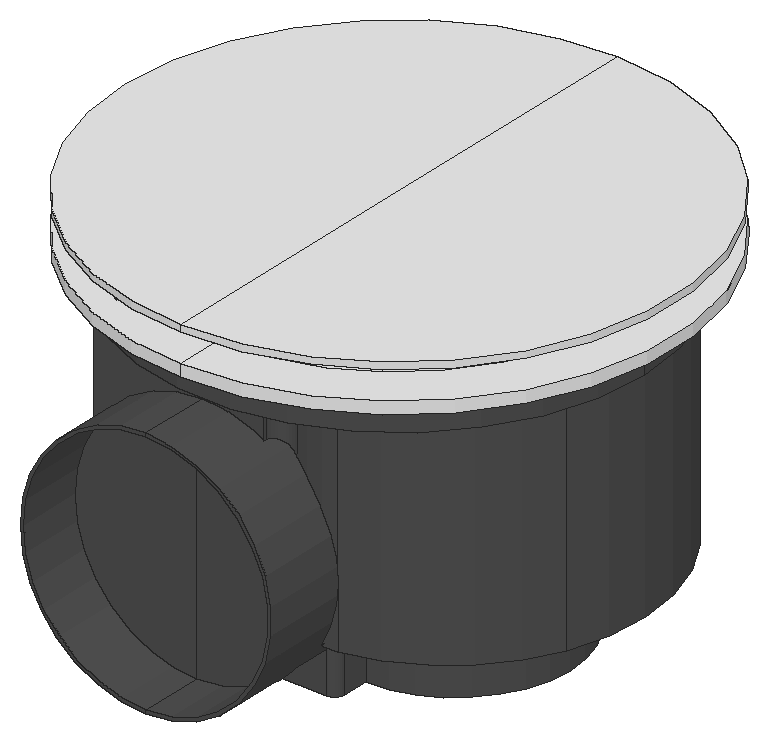
Revit family "Reece_Accessory_Kado_Lux_HiFlow_Exhaust Fan_Round", category Mechanical Equipment, host Face, Revit 2018
Family settings
  Host = Face
  Round Connector Dimension = Use Diameter
  Classification = None
  Part Type = Normal
  Cut with Voids When Loaded = No
  Shared = Yes
  Room Calculation Point = Yes
Parameters (values of type "326 mm_Matte White")
  URL = "https://www.reece.com.au/product/-2020344"
  Type Comments = "Accessory"
  Reece_Product_Web Page = "https://www.reece.com.au/product/-2020344"
  Reece_Product_Type = "Accessory"  # constant formula
  Reece_Product_Sub Brand = "Lux"  # constant formula
  Reece_Product_Number = "2020344"
  Reece_Product_Mount = "Ceiling Mounted"
  Reece_Product_Description = "Kado Lux HiFlow 250 Exhaust Fan Round Matte White"
  Reece_Product_Brand = "Kado"  # constant formula
  Reece_Overall_Diameter = 326 mm
  Reece_Outline_Middle = 118 mm
  Reece_Mechanical_Max Airflow = 378 m³/h
  Reece_Mechanical_Air Outlet Size_250 = if(Reece_Mechanical_Duct_Diameter = 100 mm, 0 mm, 150 mm)  # 150 mm
  Reece_Mechanical_Air Outlet Size_200 = if(Reece_Mechanical_Duct_Diameter = 150 mm, 0 mm, 100 mm)  # 0 mm
  Reece_Mechanical_Duct_Diameter = 150 mm
  Reece_Material_Secondary = Reece_Plastic_ABS_Black
  Reece_Material_Main = Reece_Plastic_ABS_White
  Reece_Installation_Minimum Depth = 220 mm  # constant formula
  Reece_Fascia_Type = Reece_Accessory_Kado_Lux_HiFlow_Intake Fascia_Round_250 : Reece_Accessory_Kado_Lux_HiFlow_Intake Fascia_Round_250
  Reece_Fan_Height = 195 mm
  Reece_Exhaust Fan = Reece_Accessory_Kado_Lux_HiFlow_Exhaust Fan_250 : Reece_Accessory_Kado_Lux_HiFlow_Exhaust Fan_250
  Reece_Equipment_Weight = 3.40 kg
  Reece_Electrical_Voltage_Min = 220 V  # constant formula
  Reece_Electrical_Voltage_Max = 240 V  # constant formula
  Reece_Electrical_Voltage = 240 V  # constant formula
  Reece_Electrical_IP Rating = "IPX4"  # constant formula
  Reece_Electrical_Frequency = 50 Hz  # constant formula
  Reece_Electrical_Fan Power_Wattage = 50 W
  Reece_Detail_Note = "Electrical input required. Refer to web page for further details."  # constant formula
  Reece_Detail_Installation = "Exhaust Fan"  # constant formula
  Reece_Detail_Disclaimer = "THIS FILE IS THE PROPERTY OF THE REECE GROUP. IT MAY NOT BE REPRODUCED, REVERSE-ENGINEERED OR MODIFIED. ANY REPUBLICATION, TRANSMISSION OR DISTRIBUTION FOR THE PURPOSE OF COMMERCIALLY EXPLOITING THE FILES IS PROHIBITED."  # constant formula
  Reece_Detail_Connector = "Plug in (Plug & Lead included)"  # constant formula
  Reece_Detail_Additional = "HiFlow"  # constant formula
  Reece_Ceiling_Cutout_Diameter = 300 mm
  Model = "Lux"
  Manufacturer = "Kado"
  Keynote = "Product #2020344, Reece_Accessory_Kado_Lux_HiFlow_Exhaust Fan_Round - 326 mm_Matte White"
  Disclaimer = "THIS FILE IS THE PROPERTY OF THE REECE GROUP. IT MAY NOT BE REPRODUCED, REVERSE-ENGINEERED OR MODIFIED. ANY REPUBLICATION, TRANSMISSION OR DISTRIBUTION FOR THE PURPOSE OF COMMERCIALLY EXPLOITING THE FILES IS PROHIBITED."  # constant formula
  Description = "Kado Lux HiFlow 250 Exhaust Fan Round Matte White"
  Default Elevation = 0 mm
Types (4, lengths in mm): name | URL | Reece_Product_Web Page | Reece_Product_Number | Reece_Product_Description | Reece_Overall_Diameter | Reece_Outline_Middle | Reece_Mechanical_Max Airflow | Reece_Mechanical_Air Outlet Size_250 | Reece_Mechanical_Air Outlet Size_200 | Reece_Mechanical_Duct_Diameter | Reece_Material_Main | Reece_Fascia_Type | Reece_Fan_Height | Reece_Exhaust Fan | Reece_Equipment_Weight | Reece_Electrical_Fan Power_Wattage | Reece_Ceiling_Cutout_Diameter | Keynote | Description
  270 mm_Matte Black | "https://www.reece.com.au/product/-2020355" | "https://www.reece.com.au/product/-2020355" | "2020355" | "Kado Lux HiFlow 200 Exhaust Fan Round Matte Black" | 270 | 82 | 175 m³/h | 0 | 100 | 100 | Reece_Plastic_ABS_Black | Reece_Accessory_Kado_Lux_HiFlow_Intake Fascia_Round_200 : Reece_Accessory_Kado_Lux_HiFlow_Intake Fascia_Round_200 | 167 | Reece_Accessory_Kado_Lux_HiFlow_Exhaust Fan_200 : Reece_Accessory_Kado_Lux_HiFlow_Exhaust Fan_200 | 2.10 kg | 30 W | 240 | "Product #2020355, Reece_Accessory_Kado_Lux_HiFlow_Exhaust Fan_Round - 270 mm_Matte Black" | "Kado Lux HiFlow 200 Exhaust Fan Round Matte Black"
  270 mm_Matte White | "https://www.reece.com.au/product/-2020356" | "https://www.reece.com.au/product/-2020356" | "2020356" | "Kado Lux HiFlow 200 Exhaust Fan Round Matte White" | 270 | 82 | 175 m³/h | 0 | 100 | 100 | Reece_Plastic_ABS_White | Reece_Accessory_Kado_Lux_HiFlow_Intake Fascia_Round_200 : Reece_Accessory_Kado_Lux_HiFlow_Intake Fascia_Round_200 | 167 | Reece_Accessory_Kado_Lux_HiFlow_Exhaust Fan_200 : Reece_Accessory_Kado_Lux_HiFlow_Exhaust Fan_200 | 2.10 kg | 30 W | 240 | "Product #2020356, Reece_Accessory_Kado_Lux_HiFlow_Exhaust Fan_Round - 270 mm_Matte White" | "Kado Lux HiFlow 200 Exhaust Fan Round Matte White"
  326 mm_Matte Black | "https://www.reece.com.au/product/-2020343" | "https://www.reece.com.au/product/-2020343" | "2020343" | "Kado Lux HiFlow 250 Exhaust Fan Round Matte Black" | 326 | 118 | 378 m³/h | 150 | 0 | 150 | Reece_Plastic_ABS_Black | Reece_Accessory_Kado_Lux_HiFlow_Intake Fascia_Round_250 : Reece_Accessory_Kado_Lux_HiFlow_Intake Fascia_Round_250 | 195 | Reece_Accessory_Kado_Lux_HiFlow_Exhaust Fan_250 : Reece_Accessory_Kado_Lux_HiFlow_Exhaust Fan_250 | 3.40 kg | 50 W | 300 | "Product #2020343, Reece_Accessory_Kado_Lux_HiFlow_Exhaust Fan_Round - 326 mm_Matte Black" | "Kado Lux HiFlow 250 Exhaust Fan Round Matte Black"
  326 mm_Matte White | "https://www.reece.com.au/product/-2020344" | "https://www.reece.com.au/product/-2020344" | "2020344" | "Kado Lux HiFlow 250 Exhaust Fan Round Matte White" | 326 | 118 | 378 m³/h | 150 | 0 | 150 | Reece_Plastic_ABS_White | Reece_Accessory_Kado_Lux_HiFlow_Intake Fascia_Round_250 : Reece_Accessory_Kado_Lux_HiFlow_Intake Fascia_Round_250 | 195 | Reece_Accessory_Kado_Lux_HiFlow_Exhaust Fan_250 : Reece_Accessory_Kado_Lux_HiFlow_Exhaust Fan_250 | 3.40 kg | 50 W | 300 | "Product #2020344, Reece_Accessory_Kado_Lux_HiFlow_Exhaust Fan_Round - 326 mm_Matte White" | "Kado Lux HiFlow 250 Exhaust Fan Round Matte White"
Reference planes
  plane 1 "Center (Front/Back)": y = -79.125
  plane 2 "Ceiling": z = 0
  plane 3 "Center (Left/Right)": x = 0
  plane 4: y = 56.875
  plane 5: x = 163
  plane 6: x = -163
  plane 7: y = -215.125
  plane 8: z = -195
  plane 9: x = 120
  plane 10: x = -120
  plane 11: y = -229.125
  plane 12: y = 70.875
  plane 13: z = -220
  plane 14: through (-79.764, -44.3, 1219.2) normal (0.9546, -0.2977, 0)
  plane 15: z = -118
Forms (mm)
  Extrusion 1, void
    sketch origin (0, 0, 0) x (1, 0, 0) y (0, 1, 0)
      loop
        circle (0, -79.125) r 150
    from 0 to -220
Text (mm)
  text "Reece Copyright © 2018, Reece Ltd." at (-1108.834, -679.227, 0), in view "Ref. Level"
  text "Reece ©" at (78.306, 240.076, 139.55), in view "Reece Preview"
Dimensions and locks
  equal spacing: plane 6, plane 3 "Center (Left/Right)", plane 5
  "Reece_Overall_Diameter": plane 6 to plane 5
  "Reece_Fan_Height": plane 2 "Ceiling" to plane 8
  equal spacing: plane 11, plane 1 "Center (Front/Back)", plane 12
  "Reece_Ceiling_Cutout_Diameter": plane 11 to plane 12
  "Reece_Installation_Minimum Depth": level to plane 13
  "Reece_Outline_Middle": level to plane 15
  "Reece_Ceiling_Cutout_Diameter": diameter of Extrusion 1 sketch curve
  aligned and locked: plane 2 "Ceiling" to host face
  aligned and locked: level to host face
Automatic sketch dimensions
  host sketch curve to host sketch curve = 696.216 mm
  host sketch curve to host sketch curve = 618.927 mm
  plane 1 "Center (Front/Back)" to Extrusion 1 sketch curve = 0 mm
  Extrusion 1 sketch curve to plane 3 "Center (Left/Right)" = 0 mm
Nested families
  nested 1: "Reece_Accessory_Kado_Lux_HiFlow_Intake Fascia_Round_250" at (0, -158.249, 0) x (-1, 0, 0) z (0, 0, 1), Reece_Material_Main <- "Reece_Material_Main", type <- "Reece_Fascia_Type", type "Reece_Accessory_Kado_Lux_HiFlow_Intake Fascia_Round_250"
    with Reece_Material_Main Reece_Plastic_ABS_White
  nested 2: "Reece_Accessory_Kado_Lux_HiFlow_Exhaust Fan_250" at (0, -79.125, 0), type <- "Reece_Exhaust Fan", Reece_Material_Secondary <- "Reece_Material_Secondary", type "Reece_Accessory_Kado_Lux_HiFlow_Exhaust Fan_250"
    with Reece_Material_Secondary Reece_Plastic_ABS_Black
Connectors
  electrical at (-91.058, -74.805, -187), driven by "Reece_Electrical_Voltage"
    settings: on nested 2, index 1, voltage 240 V, apparent load 0 VA, apparent load phase1 0 VA, apparent load phase2 0 VA, apparent load phase3 0 VA, power factor 1, load classification "HVAC", number of poles 1, system type 30, power factor state 1, is connector primary yes, connector utility no, sub classification motor no, connector description ""
  hvac at (-30, -159.125, -82), driven by "Reece_Mechanical_Air Outlet Size_200", driven by "Reece_Mechanical_Max Airflow"
    settings: on nested 2, index 3, duct flow 378 m³/h, flow factor 0, pres drop 0.0 Pa, loss coef 0, conn angle 0.00°, conn width 304.8 mm, conn height 304.8 mm, conn diameter 0 mm, duct sys type 3, conn prof type 0, flow config 1, flow direction 2, loss method 0, conn ref index -1, conn util no, is conn primary yes, conn desc ""
  hvac at (-27, -196.125, -118), driven by "Reece_Mechanical_Air Outlet Size_250", driven by "Reece_Mechanical_Max Airflow"
    settings: on nested 2, index 4, duct flow 378 m³/h, flow factor 0, pres drop 0.0 Pa, loss coef 0, conn angle 0.00°, conn width 304.8 mm, conn height 304.8 mm, conn diameter 150 mm, duct sys type 3, conn prof type 0, flow config 1, flow direction 2, loss method 0, conn ref index -1, conn util no, is conn primary no, conn desc ""
Definition of nested family "Reece_Accessory_Kado_Lux_HiFlow_Intake Fascia_Round_250"
  Parameters (values of type "Reece_Accessory_Kado_Lux_HiFlow_Intake Fascia_Round_250")
    URL = ""
    Type Comments = ""
    Reece_Material_Main [instance] = none
    Model = ""
    Manufacturer = ""
    Keynote = ""
    Description = ""
    Default Elevation = 0 mm
    Cost = 0
    Assembly Code = ""
  Reference planes
    plane 1 "Center (Front/Back)": y = -79.125
    plane 2 "Ceiling": z = 0
    plane 3 "Center (Left/Right)": x = 0
    plane 4: y = 83.875
    plane 5: x = 163
    plane 6: x = -163
    plane 7: y = -242.125
  Forms (mm)
    Extrusion 1, solid
      sketch origin (619.2, -619.2, 0) x (1, 0, 0) y (0, 1, 0)
        loop
          line (-961.127, 847.842) -> (-961.127, 228.915) -> (-264.911, 228.915) -> (-264.911, 847.842) -> (-961.127, 847.842)
      from 0 to -10
    Revolve 2, solid, material <- "Reece_Material_Main"
      sketch origin (0, 0, 0) x (0, 1, 0) y (0, 0, 1)
        loop
          line (-242.125, 0) -> (-240.125, 0) -> (-240.125, 3) -> (-204.247, 3) -> (-193.338, -10) -> (-169.125, -10) -> (-169.125, 2) -> (-189.125, 2) -> (-189.125, 6) -> (-214.125, 6) -> (-214.125, 7) -> (-242.125, 7) -> (-242.125, 0)
        loop
          line (-79.125, 24) -> (-79.125, 28) -> (-242.125, 28) -> (-242.125, 24) -> (-79.125, 24)
        axis (-79.125, -10) -> (-79.125, 28)
      angle from 0 to 360
    Extrusion 3, solid, material <- "Reece_Material_Main"
      sketch origin (0, 0, 0) x (1, 0, 0) y (0, 1, 0)
        loop
          arc (-95.702, -94.938) -> (-48.5, -163.129) -> (34.156, -169.912) r 97
          arc (34.156, -169.912) -> (36.298, -168.358) -> (37.347, -165.928) r 5
          line (37.347, -165.928) -> (38.956, -154.479)
          arc (38.956, -154.479) -> (41.407, -150.844) -> (45.78, -150.539) r 5
          line (45.78, -150.539) -> (56.501, -154.87)
          arc (56.501, -154.87) -> (59.129, -155.177) -> (61.546, -154.099) r 5
          arc (61.546, -154.099) -> (97, -79.125) -> (61.546, -4.151) r 97
          arc (61.546, -4.151) -> (59.129, -3.073) -> (56.501, -3.379) r 5
          line (56.501, -3.379) -> (45.78, -7.711)
          arc (45.78, -7.711) -> (41.407, -7.405) -> (38.956, -3.771) r 5
          line (38.956, -3.771) -> (37.347, 7.679)
          arc (37.347, 7.679) -> (36.298, 10.109) -> (34.156, 11.663) r 5
          arc (34.156, 11.663) -> (-48.5, 4.88) -> (-95.702, -63.311) r 97
          arc (-95.702, -63.311) -> (-95.427, -65.943) -> (-93.848, -68.066) r 5
          line (-93.848, -68.066) -> (-84.737, -75.185)
          arc (-84.737, -75.185) -> (-82.815, -79.125) -> (-84.737, -83.065) r 5
          line (-84.737, -83.065) -> (-93.848, -90.183)
          arc (-93.848, -90.183) -> (-95.427, -92.306) -> (-95.702, -94.938) r 5
        loop
          circle (0, -79.125) r 110
      from 2 to 5
    Extrusion 4, solid, material <- "Reece_Material_Main"
      sketch origin (0, 0, 0) x (1, 0, 0) y (0, 1, 0)
        loop
          circle (-87.815, -79.125) r 3
        loop
          circle (43.907, -3.075) r 3
        loop
          circle (43.907, -155.175) r 3
      from 5 to 16
    Extrusion 5, solid, material <- "Reece_Material_Main"
      sketch origin (0, 0, 0) x (1, 0, 0) y (0, 1, 0)
        loop
          line (-93.815, -85.125) -> (-81.815, -85.125) -> (-81.815, -73.125) -> (-93.815, -73.125) -> (-93.815, -85.125)
        loop
          line (41.711, 5.121) -> (35.711, -5.271) -> (46.104, -11.271) -> (52.104, -0.879) -> (41.711, 5.121)
        loop
          line (52.104, -157.371) -> (46.104, -146.978) -> (35.711, -152.978) -> (41.711, -163.371) -> (52.104, -157.371)
      from 16 to 24
  Text (mm)
    text "Reece Copyright © 2018, Reece Ltd." at (-128.175, -466.152, 0), in view "Ref. Level"
    text "Reece ©" at (78.306, 240.076, 139.55), in view "Reece Preview"
  Dimensions and locks
    locked: plane 6 to plane 5 at 326
    locked: plane 7 to plane 4 at 326
    equal spacing: plane 7, plane 1 "Center (Front/Back)", plane 4
    equal spacing: plane 6, plane 3 "Center (Left/Right)", plane 5
    aligned and locked: Extrusion 1 to plane 2 "Ceiling"
    aligned and locked: level to Extrusion 1
    aligned and locked: Revolve 2 sketch curve to plane 7
  Automatic sketch dimensions
    Extrusion 1 sketch curve to Extrusion 1 sketch curve = 696.216 mm
    Extrusion 1 sketch curve to Extrusion 1 sketch curve = 618.927 mm
    Extrusion 3 sketch curve to Extrusion 3 sketch curve = 0 mm  (x10)
    plane 1 "Center (Front/Back)" to Extrusion 3 sketch curve = 0 mm  (x2)
    Extrusion 3 sketch curve to plane 3 "Center (Left/Right)" = 0 mm
    plane 1 "Center (Front/Back)" to Extrusion 3 sketch curve = 3.94 mm
    Extrusion 3 sketch curve to plane 1 "Center (Front/Back)" = 3.94 mm
    Extrusion 3 sketch curve to Extrusion 3 sketch curve = 3.078 mm  (x3)
    Extrusion 3 sketch curve to Extrusion 3 sketch curve = 6.033 mm  (x2)
    plane 1 "Center (Front/Back)" to Extrusion 3 sketch curve = 11.058 mm
    Extrusion 3 sketch curve to plane 1 "Center (Front/Back)" = 11.058 mm
    plane 3 "Center (Left/Right)" to Extrusion 3 sketch curve = 32.396 mm  (x2)
    Extrusion 3 sketch curve to Extrusion 3 sketch curve = 4.951 mm  (x4)
    Extrusion 3 sketch curve to Extrusion 3 sketch curve = 1.609 mm  (x2)
    Extrusion 3 sketch curve to Extrusion 3 sketch curve = 1.873 mm  (x4)
    Extrusion 3 sketch curve to Extrusion 3 sketch curve = 10.72 mm  (x2)
    Extrusion 3 sketch curve to Extrusion 3 sketch curve = 4.636 mm  (x2)
    Extrusion 3 sketch curve to Extrusion 3 sketch curve = 3.94 mm  (x4)
    plane 1 "Center (Front/Back)" to Extrusion 4 sketch curve = 0 mm
    Extrusion 4 sketch curve to plane 6 = 75.185 mm
    plane 3 "Center (Left/Right)" to Extrusion 4 sketch curve = 43.907 mm  (x2)
    Extrusion 5 sketch curve to plane 1 "Center (Front/Back)" = 6 mm
    Extrusion 5 sketch curve to plane 6 = 69.185 mm
    Extrusion 5 sketch curve to Extrusion 5 sketch curve = 12 mm
    plane 3 "Center (Left/Right)" to Extrusion 5 sketch curve = 35.711 mm  (x2)
    Extrusion 5 sketch curve to Extrusion 5 sketch curve = 6 mm  (x4)
    plane 1 "Center (Front/Back)" to Extrusion 5 sketch curve = 6 mm
    Extrusion 3 sketch curve to plane 6 = 78.263 mm
    plane 1 "Center (Front/Back)" to Extrusion 3 sketch curve = 71.109 mm
    Extrusion 3 sketch curve to Extrusion 3 sketch curve = 4.331 mm  (x2)
    Extrusion 3 sketch curve to Extrusion 3 sketch curve = 10.754 mm  (x2)
    plane 1 "Center (Front/Back)" to Extrusion 4 sketch curve = 76.05 mm
    Extrusion 5 sketch curve to Extrusion 5 sketch curve = 10.392 mm  (x2)
    plane 1 "Center (Front/Back)" to Extrusion 5 sketch curve = 67.854 mm
    Extrusion 3 sketch curve to plane 1 "Center (Front/Back)" = 71.109 mm
    Extrusion 3 sketch curve to Extrusion 3 sketch curve = 0.696 mm
    Extrusion 4 sketch curve to plane 1 "Center (Front/Back)" = 76.05 mm
    Extrusion 5 sketch curve to plane 1 "Center (Front/Back)" = 67.854 mm
    Revolve 2 sketch curve to plane 7 = 0 mm
    Revolve 2 sketch curve to level = 0 mm  (x2)
    Revolve 2 sketch curve to plane 1 "Center (Front/Back)" = 0 mm  (x2)
    Revolve 2 sketch curve to plane 7 = 2 mm
    level to Revolve 2 sketch curve = 7 mm
    Revolve 2 sketch curve to Revolve 2 sketch curve = 26 mm
    level to Revolve 2 sketch curve = 3 mm
    Revolve 2 sketch curve to Revolve 2 sketch curve = 9.878 mm
    Revolve 2 sketch curve to Revolve 2 sketch curve = 10.908 mm
    level to Revolve 2 sketch curve = 6 mm
    Revolve 2 sketch curve to Revolve 2 sketch curve = 15.122 mm
    Revolve 2 sketch curve to level = 10 mm
    Revolve 2 sketch curve to Revolve 2 sketch curve = 20 mm
    level to Revolve 2 sketch curve = 2 mm
    Revolve 2 sketch curve to Revolve 2 sketch curve = 4 mm
    level to Revolve 2 sketch curve = 24 mm
    Revolve 2 sketch curve to Revolve 2 sketch curve = 101.866 mm
    radius of Extrusion 3 sketch curve = 110 mm
    radius of Extrusion 4 sketch curve = 3 mm  (x3)
Definition of nested family "Reece_Accessory_Kado_Lux_HiFlow_Exhaust Fan_250"
  Parameters (values of type "Reece_Accessory_Kado_Lux_HiFlow_Exhaust Fan_250")
    URL = ""
    Type Comments = ""
    Reece_Material_Secondary [instance] = none
    Model = ""
    Manufacturer = ""
    Keynote = ""
    Description = ""
    Default Elevation = 0 mm
    Cost = 0
    Assembly Code = ""
  Reference planes
    plane 1 "Center (Front/Back)": y = 0
    plane 2: z = 0
    plane 3 "Center (Left/Right)": x = 0
    plane 4: x = -150
    plane 5: x = 150
    plane 6: y = 150
    plane 7: y = -150
    plane 8: z = -195
    plane 9: z = -118
    plane 10: x = -102
    plane 11: x = 48
  Forms (mm)
    Extrusion 1, solid
      sketch origin (619.2, -619.2, 0) x (1, 0, 0) y (0, 1, 0)
        loop
          line (-949.2, 919.028) -> (-949.2, 325.542) -> (-300.722, 325.542) -> (-300.722, 919.028) -> (-949.2, 919.028)
      from 0 to -9.564
    Extrusion 2, solid, material <- "Reece_Material_Secondary"
      sketch origin (-90.579, 3.352, -184.41) x (0, 0, 1) y (0.022455, 0.999748, 0)
        loop
          circle (-2.59, 0.957) r 4.002
      from -1 to 0.5
  Text (mm)
    text "Reece Copyright © 2018, Reece Ltd." at (-1403.988, -1192.393, 0), in view "Ref. Level"
    text "Reece ©" at (44.384, 258.95, 192.345), in view "Reece Preview"
  Dimensions and locks
    equal spacing: plane 7, plane 1 "Center (Front/Back)", plane 6
    plane 7 to plane 6 = 300 mm
    equal spacing: plane 4, plane 3 "Center (Left/Right)", plane 5
    plane 4 to plane 5 = 300 mm
    level to plane 8 = 195 mm
    level to plane 9 = 118 mm
    plane 10 to plane 11 = 150 mm
    aligned and locked: Extrusion 1 to plane 2
    aligned and locked: level to Extrusion 1
  Automatic sketch dimensions
    Extrusion 1 sketch curve to Extrusion 1 sketch curve = 648.478 mm
    Extrusion 1 sketch curve to Extrusion 1 sketch curve = 593.487 mm
    plane 8 to Extrusion 2 sketch curve = 8 mm
    radius of Extrusion 2 sketch curve = 4.002 mm
  Nested families
    nested 1: "Exhaust Fan_250" at (0, 79.125, 0), Reece_Material_Secondary <- "Reece_Material_Secondary", type "Exhaust Fan_250"
      with Reece_Material_Secondary none
  Definition of nested family "Exhaust Fan_250"
    Parameters (values of type "Reece_Accessory_Kado_Lux_HiFlow_Exhaust Fan_250_Nested")
      URL = ""
      Type Comments = ""
      Reece_Material_Secondary [instance] = none
      Model = ""
      Manufacturer = ""
      Keynote = ""
      Description = ""
      Default Elevation = 0 mm
      Cost = 0
      Assembly Code = ""
    Reference planes
      plane 1 "Center (Front/Back)": y = -79.125
      plane 2 "Ceiling": z = 0
      plane 3 "Center (Left/Right)": x = 0
      plane 4: x = -150
      plane 5: x = 150
      plane 6: y = 70.875
      plane 7: y = -229.125
      plane 8 "Outlet Bottom": z = -43
      plane 9 "Top": z = -195
      plane 10 "Outlet Top": z = -193
      plane 11 "Middle Top": z = -155
      plane 12 "Outlet Middle": z = -118
      plane 13 "Connector Middle": z = -187
      plane 14: x = -102
      plane 15: x = 48
      plane 16 "Center L/Z": z = -19
      plane 17 "Outlet Face": y = -234.125
      plane 18 "Connector Centre": x = -27
      plane 19 "Connector": through (-89.437, -69.28, 1219.2) normal (0.9997, -0.0225, 0)
      plane 20: through (-102.464, -74.368, 1219.2) normal (-0.0225, -0.9997, 0)
    Forms (mm)
      Extrusion 1, solid
        sketch origin (619.2, -619.2, 0) x (1, 0, 0) y (0, 1, 0)
          loop
            line (-961.127, 847.842) -> (-961.127, 228.915) -> (-264.911, 228.915) -> (-264.911, 847.842) -> (-961.127, 847.842)
        from 0 to -10
      Revolve 2, solid, material <- "Reece_Material_Secondary"
        sketch origin (0, -79.125, 5) x (1, 0, 0) y (0, 0, 1)
          loop
            line (-145.051, -2) -> (-160, -2) -> (-160, -5) -> (-147, -5) -> (-146.5, -24) -> (0, -24) -> (0, -22) -> (-143.346, -22) -> (-144.051, -2.963)
            arc (-144.051, -2.963) -> (-144.357, -2.28) -> (-145.051, -2) r 1
          axis (0, -2) -> (0, -24)
        angle from 0 to 360
      Extrusion 3, void
        sketch origin (7.612, -3.812, 0) x (1, 0, 0) y (0, 1, 0)
          loop
            circle (24.058, -72.034) r 6
        from -195 to -194
      Extrusion 4, void
        sketch origin (-4.326, -30.101, -6.25) x (0.034899, 0.999391, 0) y (0, 0, 1)
          loop
            line (-53.125, -191) -> (-42.125, -191) -> (-42.125, -180.472)
            arc (-42.125, -180.472) -> (-47.625, -174.972) -> (-53.125, -180.472) r 5.5
            line (-53.125, -180.472) -> (-53.125, -191)
        from -95.4 to -70.486
      Revolve 5, solid, material <- "Reece_Material_Secondary"
        sketch origin (-104.198, -14.752, -187) x (0, -1, 0) y (1, 0, 0)
          loop
            line (60.039, 13.64) -> (60.062, 14.64) -> (55.063, 14.752) -> (55.018, 12.753) -> (56.018, 12.73) -> (56.04, 13.73) -> (60.039, 13.64)
          axis (60.017, 12.64) -> (60.062, 14.64)
        angle from 0 to 360
      Extrusion 6, solid, material <- "Reece_Material_Secondary"
        sketch origin (0, 0, 0) x (1, 0, 0) y (0, 1, 0)
          loop
            line (-91.644, -192.125) -> (9.61, -192.125) -> (9.61, -190.781)
            arc (9.61, -190.781) -> (13.514, -183.362) -> (21.839, -182.38) r 9
            arc (21.839, -182.38) -> (34.752, -185.397) -> (48, -184.797) r 48.405
            arc (48, -184.797) -> (97.893, -161.711) -> (130.55, -117.487) r 110.81
            arc (130.55, -117.487) -> (46.899, 46.78) -> (-103.875, -59.278) r 122
            arc (-103.875, -59.278) -> (-104.465, -67.537) -> (-104.558, -75.816) r 137.831
            arc (-104.558, -75.816) -> (-103.522, -99.276) -> (-101.299, -122.653) r 463.26
            arc (-101.299, -122.653) -> (-96.783, -157.432) -> (-91.644, -192.125) r 1958.452
        from -155 to -19
      Revolve 7, solid, material <- "Reece_Material_Secondary"
        sketch origin (-27, 0, 0) x (0, -1, 0) y (0, 0, 1)
          loop
            line (234.125, -193) -> (234.125, -191) -> (196.125, -191) -> (196.125, -118) -> (160.125, -118) -> (160.125, -193) -> (234.125, -193)
          axis (160.125, -118) -> (234.125, -118)
        angle from 0 to 360
      Extrusion 8, void
        sketch origin (0, 0, 0) x (0, 1, 0) y (0, 0, 1)
          loop
            line (-187.125, -43) -> (-187.125, -155) -> (-149.125, -155) -> (-149.125, -43) -> (-187.125, -43)
        from -120 to -37.076
      Extrusion 9, void
        sketch origin (0, 0, 0) x (0, 1, 0) y (0, 0, 1)
          loop
            line (-194.125, -166) -> (-194.125, -193) -> (-154.846, -193) -> (-154.846, -166) -> (-194.125, -166)
        from -113.459 to 59.851
      Extrusion 10, solid, material <- "Reece_Material_Secondary"
        sketch origin (0, 0, 0) x (1, 0, 0) y (0, 1, 0)
          loop
            arc (31.67, -143.846) -> (99.67, -75.846) -> (31.67, -7.846) r 68
            line (31.67, -7.846) -> (-53.33, -7.846)
            arc (-53.33, -7.846) -> (-70.998, -12.915) -> (-83.292, -26.579) r 33.329
            arc (-83.292, -26.579) -> (-86.421, -34.329) -> (-88.441, -42.44) r 60
            arc (-88.441, -42.44) -> (-91.612, -73.943) -> (-90.093, -105.569) r 213.662
            line (-90.093, -105.569) -> (-83.427, -159.856)
            arc (-83.427, -159.856) -> (-81.447, -163.618) -> (-77.472, -165.125) r 6
            line (-77.472, -165.125) -> (25.67, -165.125)
            arc (25.67, -165.125) -> (29.913, -163.367) -> (31.67, -159.125) r 6
            line (31.67, -159.125) -> (31.67, -143.846)
          loop
            line (-10.824, -9.846) -> (-53.33, -9.846)
            arc (-53.33, -9.846) -> (-69.938, -14.61) -> (-81.494, -27.454) r 31.329
            arc (-81.494, -27.454) -> (-84.518, -34.947) -> (-86.472, -42.787) r 58
            arc (-86.472, -42.787) -> (-89.613, -73.995) -> (-88.107, -105.325) r 211.662
            line (-88.107, -105.325) -> (-81.442, -159.612)
            arc (-81.442, -159.612) -> (-80.122, -162.12) -> (-77.472, -163.125) r 4
            line (-77.472, -163.125) -> (25.67, -163.125)
            arc (25.67, -163.125) -> (28.499, -161.953) -> (29.67, -159.125) r 4
            line (29.67, -159.125) -> (29.67, -145.818)
            arc (29.67, -145.818) -> (-34.514, -98.643) -> (-12.996, -21.948) r 70
            arc (-12.996, -21.948) -> (-11.394, -19.881) -> (-10.824, -17.329) r 6
            line (-10.824, -17.329) -> (-10.824, -9.846)
        from -195 to -155
      Extrusion 11, void
        sketch origin (0, 0, 0) x (1, 0, 0) y (0, 1, 0)
          loop
            arc (-53.33, -9.846) -> (-69.938, -14.61) -> (-81.494, -27.454) r 31.329
            arc (-81.494, -27.454) -> (-84.518, -34.947) -> (-86.472, -42.787) r 58
            arc (-86.472, -42.787) -> (-89.613, -73.995) -> (-88.107, -105.325) r 211.662
            line (-88.107, -105.325) -> (-81.442, -159.612)
            arc (-81.442, -159.612) -> (-80.122, -162.12) -> (-77.472, -163.125) r 4
            line (-77.472, -163.125) -> (25.67, -163.125)
            arc (25.67, -163.125) -> (28.499, -161.953) -> (29.67, -159.125) r 4
            line (29.67, -159.125) -> (29.67, -145.818)
            arc (29.67, -145.818) -> (-34.514, -98.643) -> (-12.996, -21.948) r 70
            arc (-12.996, -21.948) -> (-11.394, -19.881) -> (-10.824, -17.329) r 6
            line (-10.824, -17.329) -> (-10.824, -9.846) -> (-53.33, -9.846)
          loop
            arc (-86.964, -42.7) -> (-90.113, -73.982) -> (-88.604, -105.386) r 212.162
            line (-88.604, -105.386) -> (-81.938, -159.673)
            arc (-81.938, -159.673) -> (-80.453, -162.495) -> (-77.472, -163.625) r 4.5
            line (-77.472, -163.625) -> (25.67, -163.625)
            arc (25.67, -163.625) -> (28.852, -162.307) -> (30.17, -159.125) r 4.5
            line (30.17, -159.125) -> (30.17, -145.33)
            arc (30.17, -145.33) -> (-33.962, -98.709) -> (-12.677, -22.333) r 69.5
            arc (-12.677, -22.333) -> (-10.942, -20.094) -> (-10.324, -17.329) r 6.5
            line (-10.324, -17.329) -> (-10.324, -9.346) -> (-53.33, -9.346)
            arc (-53.33, -9.346) -> (-70.203, -14.187) -> (-81.944, -27.235) r 31.829
            arc (-81.944, -27.235) -> (-84.994, -34.793) -> (-86.964, -42.7) r 58.5
        from -195 to -194
      Extrusion 12, solid, material <- "Reece_Material_Secondary"
        sketch origin (0, 0, 0) x (1, 0, 0) y (0, 1, 0)
          loop
            arc (-53.33, -9.846) -> (-69.938, -14.61) -> (-81.494, -27.454) r 31.329
            arc (-81.494, -27.454) -> (-84.518, -34.947) -> (-86.472, -42.787) r 58
            arc (-86.472, -42.787) -> (-89.613, -73.995) -> (-88.107, -105.325) r 211.662
            line (-88.107, -105.325) -> (-81.442, -159.612)
            arc (-81.442, -159.612) -> (-80.122, -162.12) -> (-77.472, -163.125) r 4
            line (-77.472, -163.125) -> (25.67, -163.125)
            arc (25.67, -163.125) -> (28.499, -161.953) -> (29.67, -159.125) r 4
            line (29.67, -159.125) -> (29.67, -145.818)
            arc (29.67, -145.818) -> (-34.514, -98.643) -> (-12.996, -21.948) r 70
            arc (-12.996, -21.948) -> (-11.394, -19.881) -> (-10.824, -17.329) r 6
            line (-10.824, -17.329) -> (-10.824, -9.846) -> (-53.33, -9.846)
        from -195 to -193
      Extrusion 13, solid, material <- "Reece_Material_Secondary"
        sketch origin (0, 0, 0) x (1, 0, 0) y (0, 1, 0)
          loop
            line (-89.661, -82.701) -> (-87.187, -82.701) -> (-87.187, -67.701) -> (-89.354, -67.701)
            arc (-89.354, -67.701) -> (-89.641, -75.199) -> (-89.661, -82.701) r 211.662
        from -193 to -174.499
    Cuts and joins
      Extrusion 8, Extrusion 9 cuts Revolve 7
      Extrusion 3, Extrusion 4, Extrusion 11 cuts Extrusion 10
      joined: Extrusion 6, Revolve 7, Extrusion 10
    Text (mm)
      text "Reece Copyright © 2018, Reece Ltd." at (-1108.834, -679.227, 0), in view "Ref. Level"
      text "Reece ©" at (78.306, 240.076, 139.55), in view "Reece Preview"
    Dimensions and locks
      plane 4 to plane 5 = 300 mm
      plane 7 to plane 6 = 300 mm
      equal spacing: plane 4, plane 3 "Center (Left/Right)", plane 5
      equal spacing: plane 7, plane 1 "Center (Front/Back)", plane 6
      level to plane 9 "Top" = 195 mm
      level to plane 12 "Outlet Middle" = 118 mm
      plane 14 to plane 15 = 150 mm
      aligned and locked: Extrusion 1 to plane 2 "Ceiling"
      aligned and locked: level to Extrusion 1
    Automatic sketch dimensions
      Extrusion 1 sketch curve to Extrusion 1 sketch curve = 696.216 mm
      Extrusion 1 sketch curve to Extrusion 1 sketch curve = 618.927 mm
      Extrusion 3 sketch curve to plane 1 "Center (Front/Back)" = 3.279 mm
      Revolve 2 sketch curve to level = 0 mm
      Revolve 2 sketch curve to plane 3 "Center (Left/Right)" = 0 mm
      plane 3 "Center (Left/Right)" to Revolve 2 sketch curve = 0 mm
      Revolve 2 sketch curve to plane 4 = 6.654 mm
      Revolve 2 sketch curve to plane 4 = 5.949 mm
      Revolve 2 sketch curve to Revolve 2 sketch curve = 0.999 mm
      Revolve 2 sketch curve to plane 4 = 3.5 mm
      Revolve 2 sketch curve to plane 4 = 3 mm
      plane 4 to Revolve 2 sketch curve = 10 mm
      Revolve 2 sketch curve to level = 17 mm
      Revolve 2 sketch curve to plane 8 "Outlet Bottom" = 24 mm
      level to Revolve 2 sketch curve = 2 mm
      Revolve 2 sketch curve to Revolve 2 sketch curve = 0.037 mm
      Revolve 2 sketch curve to plane 11 "Middle Top" = 6.2 mm
      plane 9 "Top" to Revolve 2 sketch curve = 140.8 mm
      plane 3 "Center (Left/Right)" to Extrusion 3 sketch curve = 31.67 mm
      Extrusion 6 sketch curve to plane 15 = 0 mm  (x2)
      plane 15 to Extrusion 6 sketch curve = 8.794 mm
      Extrusion 6 sketch curve to plane 1 "Center (Front/Back)" = 5.898 mm
      plane 15 to Extrusion 6 sketch curve = 14.752 mm
      Extrusion 6 sketch curve to plane 1 "Center (Front/Back)" = 3.293 mm
      Extrusion 6 sketch curve to Extrusion 6 sketch curve = 5.38 mm
      plane 3 "Center (Left/Right)" to Extrusion 6 sketch curve = 18.61 mm
      Extrusion 6 sketch curve to plane 1 "Center (Front/Back)" = 7.5 mm
      Extrusion 6 sketch curve to Extrusion 6 sketch curve = 10.37 mm
      Extrusion 6 sketch curve to Extrusion 6 sketch curve = 9 mm
      Extrusion 6 sketch curve to plane 1 "Center (Front/Back)" = 12.012 mm
      Extrusion 6 sketch curve to plane 6 = 41.269 mm
      plane 1 "Center (Front/Back)" to Extrusion 6 sketch curve = 58.072 mm
      Extrusion 6 sketch curve to Extrusion 6 sketch curve = 5.984 mm
      Extrusion 6 sketch curve to Extrusion 6 sketch curve = 1.344 mm
      Extrusion 6 sketch curve to plane 14 = 10.356 mm
      Extrusion 6 sketch curve to plane 14 = 0.701 mm
      Extrusion 6 sketch curve to Extrusion 6 sketch curve = 0 mm  (x3)
      plane 14 to Extrusion 6 sketch curve = 1.875 mm
      plane 10 "Outlet Top" to Revolve 7 sketch curve = 0 mm
      plane 12 "Outlet Middle" to Revolve 7 sketch curve = 0 mm  (x2)
      Revolve 7 sketch curve to plane 17 "Outlet Face" = 0 mm
      Revolve 7 sketch curve to plane 10 "Outlet Top" = 2 mm
      Revolve 7 sketch curve to plane 7 = 33 mm
      plane 1 "Center (Front/Back)" to Revolve 7 sketch curve = 81 mm
      Revolve 7 sketch curve to Revolve 7 sketch curve = 21 mm
      plane 17 "Outlet Face" to Revolve 7 sketch curve = 45 mm
      plane 11 "Middle Top" to Extrusion 8 sketch curve = 0 mm
      plane 8 "Outlet Bottom" to Extrusion 8 sketch curve = 0 mm
      Extrusion 8 sketch curve to plane 7 = 42 mm
      Extrusion 8 sketch curve to Extrusion 8 sketch curve = 38 mm
      plane 11 "Middle Top" to Extrusion 9 sketch curve = 11 mm
      Extrusion 9 sketch curve to plane 7 = 35 mm
      Extrusion 9 sketch curve to plane 9 "Top" = 2 mm
      Extrusion 9 sketch curve to Extrusion 9 sketch curve = 39.279 mm
      Extrusion 10 sketch curve to Extrusion 10 sketch curve = 0 mm  (x15)
      Extrusion 10 sketch curve to plane 14 = 11.907 mm
      Extrusion 10 sketch curve to Extrusion 10 sketch curve = 1.985 mm  (x2)
      Extrusion 10 sketch curve to plane 14 = 18.573 mm
      Extrusion 10 sketch curve to Extrusion 10 sketch curve = 5.955 mm
      plane 18 "Connector Centre" to Extrusion 10 sketch curve = 26.33 mm
      plane 18 "Connector Centre" to Extrusion 10 sketch curve = 2.352 mm
      Extrusion 10 sketch curve to Extrusion 10 sketch curve = 4 mm  (x2)
      Extrusion 10 sketch curve to plane 1 "Center (Front/Back)" = 3.279 mm
      plane 15 to Extrusion 10 sketch curve = 16.33 mm
      Extrusion 10 sketch curve to Extrusion 10 sketch curve = 2 mm
      plane 1 "Center (Front/Back)" to Extrusion 10 sketch curve = 0.405 mm
      plane 1 "Center (Front/Back)" to Extrusion 10 sketch curve = 26.2 mm
      Extrusion 10 sketch curve to Extrusion 10 sketch curve = 0.244 mm  (x2)
      Extrusion 10 sketch curve to plane 7 = 70 mm
      Extrusion 10 sketch curve to plane 1 "Center (Front/Back)" = 26.269 mm
      Extrusion 10 sketch curve to Extrusion 10 sketch curve = 11.681 mm
      Extrusion 10 sketch curve to Extrusion 10 sketch curve = 1.798 mm
      Extrusion 10 sketch curve to Extrusion 10 sketch curve = 1.971 mm
      Extrusion 10 sketch curve to plane 18 "Connector Centre" = 10.176 mm
      Extrusion 10 sketch curve to Extrusion 10 sketch curve = 6 mm
      Extrusion 10 sketch curve to plane 5 = 28.023 mm
      Extrusion 11 sketch curve to plane 14 = 13.893 mm
      Extrusion 11 sketch curve to plane 14 = 20.558 mm
      Extrusion 11 sketch curve to Extrusion 11 sketch curve = 3.97 mm
      plane 18 "Connector Centre" to Extrusion 11 sketch curve = 26.33 mm
      plane 18 "Connector Centre" to Extrusion 11 sketch curve = 2.352 mm
      Extrusion 11 sketch curve to plane 18 "Connector Centre" = 10.176 mm
      Extrusion 11 sketch curve to Extrusion 11 sketch curve = 6 mm
      plane 15 to Extrusion 11 sketch curve = 22.33 mm
      Extrusion 11 sketch curve to Extrusion 11 sketch curve = 4 mm  (x2)
      Extrusion 11 sketch curve to plane 1 "Center (Front/Back)" = 3.279 mm
      plane 15 to Extrusion 11 sketch curve = 16.33 mm
      plane 1 "Center (Front/Back)" to Extrusion 11 sketch curve = 0.405 mm
      Extrusion 11 sketch curve to plane 5 = 28.023 mm
      plane 1 "Center (Front/Back)" to Extrusion 11 sketch curve = 26.2 mm
      plane 1 "Center (Front/Back)" to Extrusion 11 sketch curve = 66.693 mm
      Extrusion 11 sketch curve to Extrusion 11 sketch curve = 13.307 mm
      Extrusion 11 sketch curve to plane 1 "Center (Front/Back)" = 26.269 mm
      Extrusion 11 sketch curve to Extrusion 11 sketch curve = 11.681 mm
      Extrusion 11 sketch curve to Extrusion 11 sketch curve = 35.527 mm
      Extrusion 11 sketch curve to Extrusion 11 sketch curve = 7.483 mm
      Extrusion 11 sketch curve to Extrusion 11 sketch curve = 0 mm  (x16)
      Extrusion 11 sketch curve to Extrusion 11 sketch curve = 0.496 mm  (x2)
      Extrusion 11 sketch curve to Extrusion 11 sketch curve = 0.5 mm  (x3)
      Extrusion 11 sketch curve to Extrusion 11 sketch curve = 0.488 mm
      Extrusion 11 sketch curve to Extrusion 11 sketch curve = 0.061 mm
      Extrusion 12 sketch curve to plane 14 = 13.893 mm
      Extrusion 12 sketch curve to plane 14 = 20.558 mm
      Extrusion 12 sketch curve to Extrusion 12 sketch curve = 3.97 mm
      plane 18 "Connector Centre" to Extrusion 12 sketch curve = 26.33 mm
      plane 18 "Connector Centre" to Extrusion 12 sketch curve = 2.352 mm
      Extrusion 12 sketch curve to plane 18 "Connector Centre" = 10.176 mm
      Extrusion 12 sketch curve to Extrusion 12 sketch curve = 6 mm
      plane 15 to Extrusion 12 sketch curve = 22.33 mm
      Extrusion 12 sketch curve to Extrusion 12 sketch curve = 4 mm  (x2)
      Extrusion 12 sketch curve to plane 1 "Center (Front/Back)" = 3.279 mm
      plane 15 to Extrusion 12 sketch curve = 16.33 mm
      plane 1 "Center (Front/Back)" to Extrusion 12 sketch curve = 0.405 mm
      Extrusion 12 sketch curve to plane 5 = 28.023 mm
      plane 1 "Center (Front/Back)" to Extrusion 12 sketch curve = 26.2 mm
      plane 1 "Center (Front/Back)" to Extrusion 12 sketch curve = 66.693 mm
      Extrusion 12 sketch curve to Extrusion 12 sketch curve = 13.307 mm
      Extrusion 12 sketch curve to plane 1 "Center (Front/Back)" = 26.269 mm
      Extrusion 12 sketch curve to Extrusion 12 sketch curve = 11.681 mm
      Extrusion 12 sketch curve to Extrusion 12 sketch curve = 35.527 mm
      Extrusion 12 sketch curve to Extrusion 12 sketch curve = 7.483 mm
      Extrusion 12 sketch curve to Extrusion 12 sketch curve = 0 mm
      Extrusion 4 sketch curve to plane 10 "Outlet Top" = 6.278 mm
      Extrusion 4 sketch curve to Extrusion 4 sketch curve = 5.5 mm
      plane 9 "Top" to Extrusion 4 sketch curve = 2.25 mm
      plane 1 "Center (Front/Back)" to Extrusion 13 sketch curve = 0.405 mm
      Extrusion 13 sketch curve to plane 1 "Center (Front/Back)" = 11.423 mm
      Extrusion 13 sketch curve to plane 14 = 12.339 mm
      Extrusion 13 sketch curve to Extrusion 13 sketch curve = 2.168 mm
      Extrusion 13 sketch curve to Extrusion 13 sketch curve = 2.475 mm
      plane 1 "Center (Front/Back)" to Extrusion 13 sketch curve = 3.577 mm
      Revolve 5 sketch curve to plane 1 "Center (Front/Back)" = 9.355 mm
      Revolve 5 sketch curve to Revolve 5 sketch curve = 0.045 mm
      Revolve 5 sketch curve to Revolve 5 sketch curve = 1 mm
      Revolve 5 sketch curve to plane 14 = 11.532 mm
      Revolve 5 sketch curve to Revolve 5 sketch curve = 0.022 mm
      Revolve 5 sketch curve to Revolve 5 sketch curve = 3.999 mm
      Revolve 5 sketch curve to Revolve 5 sketch curve = 0.09 mm
      Revolve 5 sketch curve to Revolve 5 sketch curve = 0.014 mm
      Revolve 5 sketch curve to Revolve 5 sketch curve = 0 mm  (x2)
      Revolve 5 sketch curve to Revolve 5 sketch curve = 0.641 mm
      radius of Extrusion 3 sketch curve = 6 mm
